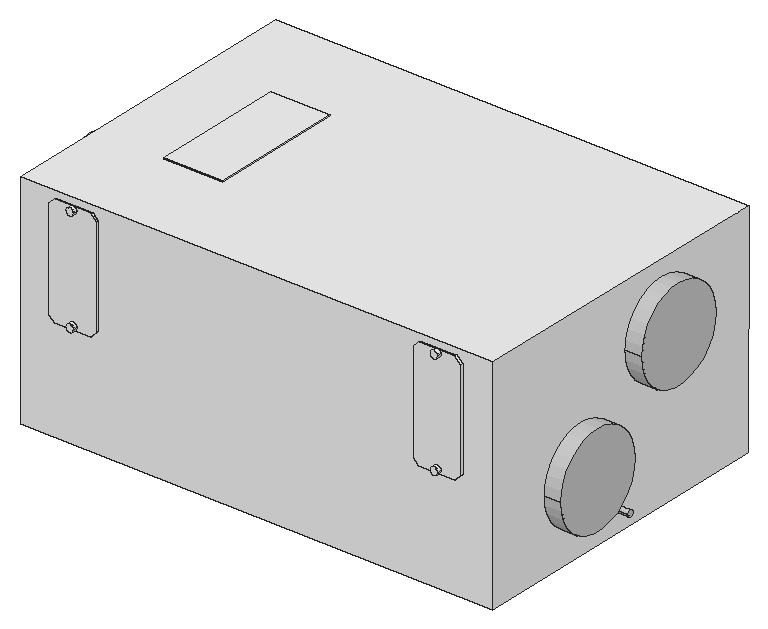
Revit family "BLAUBERG-KOMFORT_EC_LBE_700", category Mechanical Equipment, Revit 2019
Family settings
  Round Connector Dimension = Use Diameter
  Classification = None
  Part Type = Normal
  OmniClass Number = 23.75.35.14
  OmniClass Title = Air Handling Units
  Work Plane-Based = No
  Always vertical = Yes
  Cut with Voids When Loaded = No
  Shared = No
  Room Calculation Point = No
Parameters (values of type "KOMFORT EC LBE 700 S21")
  dLFeets = 48 mm
  dBFeets = 58 mm
  Weight = 108.40 kg
  Top Maintenance Zone Height = 900 mm
  Standard Service Side [instance] = yes
  Service Side 2 [instance] = Standard Service Side  # yes
  Service Side 1 [instance] = not(Standard Service Side)  # no
  Leveling Feets [instance] = yes
  HDrainCon = 52 mm
  DrainPipe = yes
  Drain Connection Diameter = 16 mm
  Ddrain = 14.752 mm
  CoverW = 128 mm
  CoverH1 = 168 mm
  CoverH = 301 mm
  Maximum Unit Current With Electric Heater = 18 A
  Maintenance Zone Side 2 [instance] = if(Maintenance Zone, (if(not(Standard Service Side), 1 = 1, 1 = 0)), 1 = 0)  # no
  Maintenance Zone Side 1 [instance] = if(Maintenance Zone, (if(Standard Service Side, 1 = 1, 1 = 0)), 1 = 0)  # no
  Plastic Material = Polypropylene Black
  Maximum Unit Power Without Electric Heater = 336 W
  Maximum Unit Current Without Electric Heater = 2.4 A
  Leveling Feets Height Calc [instance] = if(Leveling Feets Height < 23 mm, 23 mm, Leveling Feets Height)  # 23 mm
  Leveling Feets Height [instance] = 23 mm
  CoverL2 = 147 mm
  CoverL1 = 147 mm
  Heater power = 3600 W
  Heat Exchanger Material = "polystyrene"
  HDuctCon = 48 mm  # constant formula
  H2 = 201 mm
  H1 = 166 mm
  H = 601 mm
  ElConB = 433 mm
  ElConA = 268 mm
  ElBoxB = 364 mm
  ElBoxA = 159 mm
  BDrainCon = 433 mm
  B2 = 296 mm
  Air Flow Factor [instance] = 1  # constant formula
  B1 = 296 mm
  L = 1282 mm
  Voltage = 230 V
  URL = "https://blaubergventilatoren.de/en/product/komfort-ec-lbe700-s21"
  Type Comments = "Air Handling Unit KOMFORT EC LBE 700 S21"
  Transported Air Temperature (°C) = "-25…+40"
  Supply Air Filter = "G4+F7"
  Sound Pressure Level at 3 m (dBA) = 31
  SEC Class = "A+"
  RPM (min-1) = 3200
  Power Factor = 1
  Power = Maximum Unit Power Without Electric Heater + Heater power  # 3936 W
  Number of Poles = 1
  Model = "KOMFORT EC LBE 700 S21"
  Maximum Air Flow = 830 m³/h
  Manufacturer = "Blauberg"
  Maintenance Zone Material = Maintenance Zone
  Front Maintenance Zone Height = 900 mm
  Maintenance Zone [instance] = no
  Load Classification = HVAC
  B = 866 mm
  Heat recovery efficiency (%) = "80..98"
  Heat Exchanger Type = "counter-flow"
  Metal Material = Metal Zinc
  Family Version = "1.0"  # constant formula
  Extract Air Filter = "G4"
  Duct Connection Diameter = 250 mm
  Description = "Air Handling Unit"
  D = Duct Connection Diameter  # 250 mm
  Current = Maximum Unit Current With Electric Heater  # 18 A
  Copyright = "©Blauberg"
  Casing Material = Painted Steel White
  Apparent Power [instance] = Power / Power Factor  # 3936 VA
  Air Flow Supply [instance] = 0 m³/h
  Air Flow Exhaust [instance] = 0 m³/h
Types (2, lengths in mm): name | DrainPipe | Drain Connection Diameter | Heat Exchanger Material | URL | Type Comments | SEC Class | Model | Heat recovery efficiency (%)
  KOMFORT EC LBE 700 S21 | yes | 16 | "polystyrene" | "https://blaubergventilatoren.de/en/product/komfort-ec-lbe700-s21" | "Air Handling Unit KOMFORT EC LBE 700 S21" | "A+" | "KOMFORT EC LBE 700 S21" | "80..98"
  KOMFORT EC LBE 700-E S21 | no | 0 | "enthalpy" | "https://blaubergventilatoren.de/en/product/komfort-ec-lbe700-e-s21" | "Air Handling Unit KOMFORT EC LBE 700-E S21" | "A" | "KOMFORT EC LBE 700-E S21" | "74..89"
Reference planes
  plane 1 "Center (Front/Back)": y = 0
  plane 2: z = 0
  plane 3 "Center (Left/Right)": x = 0
  plane 4 "Right": x = 641
  plane 5 "Front": y = -433
  plane 6 "Left": x = -641
  plane 7 "Top": z = 624
  plane 8 "Back": y = 433
  plane 9 "DuctConB1": y = 137
  plane 10 "DuctConB2": y = -137
  plane 11: z = 626
  plane 12 "Bottom": z = 23
  plane 13 "FeetsL1": x = -593
  plane 14 "FeetsL2": x = 593
  plane 15 "FeetsB1": y = 375
  plane 16 "FeetsB2": y = -375
  plane 17 "ElConA": x = -373
  plane 18: x = -452.5
  plane 19: x = -293.5
  plane 20: y = 182
  plane 21: y = -182
  plane 22 "ElConB": y = 0
  plane 23 "DrainConH": z = 75
  plane 24 "CoverH": z = 456
  plane 25 "CoverL1": x = -494
  plane 26 "CoverL2": x = 494
  plane 27 "DrainConB": y = 0
  plane 28 "DuctConH1": z = 458
  plane 29 "DuctConH2": z = 224
  plane 30: x = -689
  plane 31: x = 689
Forms (mm)
  Extrusion 1, solid, material "Painted Steel White" <- "Casing Material", detail levels medium+fine
    sketch origin (0, 377, 23) x (-1, 0, 0) y (0, -1, 0)
      loop
        line (641, -56) -> (641, 810) -> (-641, 810) -> (-641, -56) -> (641, -56)
    from 0 to 601
  Extrusion 2, solid, material "Painted Steel White" <- "Casing Material", detail levels medium+fine
    sketch origin (0, 0, 624) x (-1, 0, 0) y (0, -1, 0)
      loop
        line (452.5, -182) -> (452.5, 182) -> (293.5, 182) -> (293.5, -182) -> (452.5, -182)
    from 0 to 2
  Extrusion 3, solid, material "Metal Zinc" <- "Metal Material", detail levels medium+fine
    sketch origin (-641, 0, 0) x (0, 1, 0) y (0, 0, 1)
      loop
        circle (-137, 458) r 125
      loop
        circle (137, 224) r 125
    from 0 to -48
  Extrusion 4, solid, material "Metal Zinc" <- "Metal Material", detail levels medium+fine
    sketch origin (641, 0, 0) x (0, 1, 0) y (0, 0, 1)
      loop
        circle (137, 458) r 125
      loop
        circle (-137, 224) r 125
    from 0 to 48
  Extrusion 5, solid, material "Metal Zinc" <- "Metal Material", visible <- "DrainPipe", detail levels medium+fine
    sketch origin (641, 0, 0) x (0, 1, 0) y (0, 0, 1)
      loop
        circle (0, 75) r 7.376
    from 0 to 26.5
Lines and regions (mm)
  model lines, detail levels coarse
    curve 1: line (-641, -433, 624) -> (-641, 433, 624)
    curve 2: line (641, -433, 624) -> (-641, -433, 624)
    curve 3: line (641, 433, 624) -> (641, -433, 624)
    curve 4: line (-641, -433, 23) -> (-641, 433, 23)
    curve 5: line (641, -433, 23) -> (-641, -433, 23)
    curve 6: line (641, 433, 23) -> (641, -433, 23)
    curve 7: line (-641, -433, 624) -> (641, -433, 624)
    curve 8: line (-641, -433, 23) -> (-641, -433, 624)
    curve 9: line (641, -433, 23) -> (-641, -433, 23)
    curve 10: line (641, -433, 624) -> (641, -433, 23)
    curve 11: line (-641, -433, 624) -> (-641, -433, 23)
    curve 12: line (641, -433, 624) -> (641, -433, 23)
    curve 13: line (-641, 433, 23) -> (641, 433, 23)
    curve 14: line (-641, 433, 624) -> (641, 433, 624)
    curve 15: line (-641, 433, 624) -> (-641, 433, 23)
    curve 16: line (641, 433, 624) -> (641, 433, 23)
    curve 17: line (-689, -137, 458) -> (-641, -137, 458)
    curve 18: line (-689, 137, 224) -> (-641, 137, 224)
    curve 19: line (641, -137, 224) -> (689, -137, 224)
    curve 20: line (641, 137, 458) -> (689, 137, 458)
Dimensions and locks
  "B": plane 8 "Back" to plane 5 "Front"
  equal spacing: plane 6 "Left", plane 3 "Center (Left/Right)", plane 4 "Right"
  "L": plane 6 "Left" to plane 4 "Right"
  "dBFeets": plane 8 "Back" to plane 15 "FeetsB1"
  "dBFeets": plane 16 "FeetsB2" to plane 5 "Front"
  "dLFeets": plane 6 "Left" to plane 13 "FeetsL1"
  "dLFeets": plane 14 "FeetsL2" to plane 4 "Right"
  "Leveling Feets Height Calc": plane 12 "Bottom" to level
  "H": plane 7 "Top" to plane 12 "Bottom"
  "ElConA": plane 6 "Left" to plane 17 "ElConA"
  "B2": plane 10 "DuctConB2" to plane 5 "Front"
  "B1": plane 8 "Back" to plane 9 "DuctConB1"
  equal spacing: plane 18, plane 17 "ElConA", plane 19
  "ElBoxA": plane 18 to plane 19
  "ElConB": plane 8 "Back" to plane 22 "ElConB"
  equal spacing: plane 20, plane 22 "ElConB", plane 21
  "ElBoxB": plane 20 to plane 21
  locked: plane 11 to plane 7 "Top" at 2
  equal spacing: plane 8 "Back", plane 1 "Center (Front/Back)", plane 5 "Front"
  "CoverH1": plane 7 "Top" to plane 24 "CoverH"
  "CoverL1": plane 6 "Left" to plane 25 "CoverL1"
  "CoverL2": plane 26 "CoverL2" to plane 4 "Right"
  "HDrainCon": plane 23 "DrainConH" to plane 12 "Bottom"
  "BDrainCon": plane 8 "Back" to plane 27 "DrainConB"
  "H1": plane 7 "Top" to plane 28 "DuctConH1"
  "H2": plane 29 "DuctConH2" to plane 12 "Bottom"
  "HDuctCon": plane 30 to plane 6 "Left"
  "HDuctCon": plane 4 "Right" to plane 31
  "D": diameter of Extrusion 3 sketch curve  (x2)
  "D": diameter of Extrusion 4 sketch curve  (x2)
  "Ddrain": diameter of Extrusion 5 sketch curve
  aligned and locked: level to plane 2
  aligned and locked: plane 13 "FeetsL1" to nested 1
  aligned and locked: nested 1 to plane 15 "FeetsB1"
  aligned and locked: plane 14 "FeetsL2" to nested 2
  aligned and locked: nested 2 to plane 15 "FeetsB1"
  aligned and locked: nested 3 to plane 16 "FeetsB2"
  aligned and locked: plane 14 "FeetsL2" to nested 3
  aligned and locked: plane 13 "FeetsL1" to nested 4
  aligned and locked: nested 4 to plane 16 "FeetsB2"
  aligned and locked: Extrusion 1 sketch curve to plane 8 "Back"
  aligned and locked: plane 6 "Left" to Extrusion 1 sketch curve
  aligned and locked: plane 5 "Front" to Extrusion 1 sketch curve
  aligned and locked: Extrusion 1 sketch curve to plane 4 "Right"
  aligned and locked: plane 7 "Top" to Extrusion 1
  aligned and locked: plane 3 "Center (Left/Right)" to nested 5
  aligned and locked: nested 5 to plane 7 "Top"
  aligned and locked: curve 2 to Extrusion 1
  aligned and locked: curve 4 to curve 1
  aligned and locked: curve 5 to curve 2
  aligned and locked: curve 6 to nested 5
  aligned and locked: curve 8 to Extrusion 1
  aligned and locked: curve 10 to Extrusion 1
  aligned and locked: curve 11 to plane 5 "Front"
  aligned and locked: curve 12 to plane 5 "Front"
  aligned and locked: plane 8 "Back" to curve 3
  aligned and locked: plane 8 "Back" to curve 6
  aligned and locked: plane 6 "Left" to curve 13
  aligned and locked: curve 13 to plane 8 "Back"
  aligned and locked: plane 4 "Right" to curve 14
  aligned and locked: plane 6 "Left" to curve 14
  aligned and locked: curve 14 to plane 8 "Back"
  aligned and locked: Extrusion 2 sketch curve to plane 20
  aligned and locked: Extrusion 2 sketch curve to plane 18
  aligned and locked: plane 21 to Extrusion 2 sketch curve
  aligned and locked: Extrusion 2 sketch curve to plane 19
  aligned and locked: plane 11 to Extrusion 2
  aligned and locked: plane 3 "Center (Left/Right)" to nested 6
  aligned and locked: nested 6 to plane 7 "Top"
  aligned and locked: plane 7 "Top" to curve 15
  aligned and locked: plane 12 "Bottom" to curve 15
  aligned and locked: plane 7 "Top" to curve 16
  aligned and locked: plane 12 "Bottom" to curve 16
  aligned and locked: plane 8 "Back" to curve 15
  aligned and locked: plane 8 "Back" to curve 16
  aligned and locked: Extrusion 3 to plane 30
  aligned and locked: plane 31 to Extrusion 4
  aligned and locked: plane 1 "Center (Front/Back)" to nested 7
  aligned and locked: plane 3 "Center (Left/Right)" to nested 7
  aligned and locked: plane 25 "CoverL1" to nested 8
  aligned and locked: plane 24 "CoverH" to nested 8
  aligned and locked: plane 26 "CoverL2" to nested 9
  aligned and locked: plane 24 "CoverH" to nested 9
  aligned and locked: nested 10 to plane 24 "CoverH"
  aligned and locked: nested 11 to plane 24 "CoverH"
  aligned and locked: nested 10 to plane 26 "CoverL2"
  aligned and locked: nested 11 to plane 25 "CoverL1"
  aligned and locked: plane 9 "DuctConB1" to Extrusion 4 sketch curve
  aligned and locked: plane 28 "DuctConH1" to Extrusion 4 sketch curve
  aligned and locked: plane 10 "DuctConB2" to Extrusion 4 sketch curve
  aligned and locked: plane 29 "DuctConH2" to Extrusion 4 sketch curve
  aligned and locked: plane 6 "Left" to curve 17
  aligned and locked: plane 30 to curve 17
  aligned and locked: plane 31 to curve 19
  aligned and locked: plane 4 "Right" to curve 19
  aligned and locked: plane 30 to curve 18
  aligned and locked: plane 6 "Left" to curve 18
  aligned and locked: curve 17 to plane 10 "DuctConB2"
  aligned and locked: curve 18 to plane 9 "DuctConB1"
  aligned and locked: plane 4 "Right" to curve 20
  aligned and locked: plane 31 to curve 20
  aligned and locked: curve 19 to plane 10 "DuctConB2"
  aligned and locked: curve 20 to plane 9 "DuctConB1"
Automatic sketch dimensions
  curve 9 to plane 12 "Bottom" = 0 mm
  curve 8 to plane 7 "Top" = 0 mm
  curve 11 to plane 12 "Bottom" = 0 mm
  curve 11 to plane 7 "Top" = 0 mm
  curve 12 to plane 12 "Bottom" = 0 mm
  curve 12 to plane 7 "Top" = 0 mm
  Extrusion 3 sketch curve to plane 10 "DuctConB2" = 0 mm
  Extrusion 3 sketch curve to plane 9 "DuctConB1" = 0 mm
  Extrusion 3 sketch curve to plane 29 "DuctConH2" = 0 mm
  Extrusion 3 sketch curve to plane 28 "DuctConH1" = 0 mm
  Extrusion 5 sketch curve to plane 22 "ElConB" = 0 mm
  Extrusion 5 sketch curve to plane 23 "DrainConH" = 0 mm
Nested families
  nested 1: "LevellingFeet" at (-593, 375, 0), visible <- "Leveling Feets", type "LevellingFeet", detail levels medium+fine
  nested 2: "LevellingFeet" at (593, 375, 0), visible <- "Leveling Feets", type "LevellingFeet", detail levels medium+fine
  nested 3: "LevellingFeet" at (593, -375, 0), visible <- "Leveling Feets", type "LevellingFeet", detail levels medium+fine
  nested 4: "LevellingFeet" at (-593, -375, 0), visible <- "Leveling Feets", type "LevellingFeet", detail levels medium+fine
  nested 5: "MaintenanceZone_Rect" at (0, -433, 323.5) x (1, 0, 0) z (0, 1, 0), visible <- "Maintenance Zone Side 1", type "Front", detail levels medium+fine
    with Maintenance Zone Width 601 mm, Maintenance Zone Length 1282 mm, Maintenance Zone Height 900 mm
  nested 6: "MaintenanceZone_Rect" at (0, 433, 323.5) x (1, 0, 0) z (0, -1, 0), visible <- "Maintenance Zone Side 2", type "Front", detail levels medium+fine
    with Maintenance Zone Width 601 mm, Maintenance Zone Length 1282 mm, Maintenance Zone Height 900 mm
  nested 7: "MaintenanceZone_Rect" at (0, 0, 624) x (1, 0, 0) z (0, 0, -1), visible <- "Maintenance Zone", type "Top", detail levels medium+fine
    with Maintenance Zone Width 866 mm, Maintenance Zone Length 1282 mm, Maintenance Zone Height 900 mm
  nested 8: "FilterCover" at (-494, -433, 456) x (1, 0, 0) z (0, -1, 0), visible <- "Service Side 2", type "FilterCover", detail levels medium+fine
    with Width 128 mm, Lenght 301 mm
  nested 9: "FilterCover" at (494, -433, 456) x (1, 0, 0) z (0, -1, 0), visible <- "Service Side 2", type "FilterCover", detail levels medium+fine
    with Width 128 mm, Lenght 301 mm
  nested 10: "FilterCover" at (494, 433, 456) x (-1, 0, 0) z (0, 1, 0), visible <- "Service Side 1", type "FilterCover", detail levels medium+fine
    with Width 128 mm, Lenght 301 mm
  nested 11: "FilterCover" at (-494, 433, 456) x (-1, 0, 0) z (0, 1, 0), visible <- "Service Side 1", type "FilterCover", detail levels medium+fine
    with Width 128 mm, Lenght 301 mm
Connectors
  electrical at (-373, 0, 626), driven by "Number of Poles", driven by "Load Classification", driven by "Voltage", driven by "Apparent Power", driven by "Power Factor"
    settings: on Extrusion 2, index 6, voltage 230 V, apparent load 3936 VA, apparent load phase1 0 VA, apparent load phase2 0 VA, apparent load phase3 0 VA, power factor 1, load classification "HVAC", number of poles 1, system type 30, power factor state 1, is connector primary yes, connector utility no, sub classification motor no, connector description ""
  hvac at (-689, -137, 458), driven by "Duct Connection Diameter", driven by "Air Flow Exhaust"
    settings: on Extrusion 3, index 7, duct flow 0 m³/h, flow factor 0, pres drop 0.0 Pa, loss coef 0, conn angle 0.00°, conn width 304.8 mm, conn height 304.8 mm, conn diameter 250 mm, duct sys type 3, conn prof type 0, flow config 0, flow direction 1, loss method 0, conn ref index -1, conn util no, is conn primary yes, conn desc "Extract Air"
  hvac at (-689, 137, 224), driven by "Duct Connection Diameter", driven by "Air Flow Supply"
    settings: on Extrusion 3, index 8, duct flow 0 m³/h, flow factor 0, pres drop 0.0 Pa, loss coef 0, conn angle 0.00°, conn width 304.8 mm, conn height 304.8 mm, conn diameter 250 mm, duct sys type 1, conn prof type 0, flow config 0, flow direction 2, loss method 0, conn ref index -1, conn util no, is conn primary no, conn desc "Supply Air"
  hvac at (689, 137, 458), driven by "Duct Connection Diameter", driven by "Air Flow Supply"
    settings: on Extrusion 4, index 9, duct flow 0 m³/h, flow factor 0, pres drop 0.0 Pa, loss coef 0, conn angle 0.00°, conn width 304.8 mm, conn height 304.8 mm, conn diameter 250 mm, duct sys type 1, conn prof type 0, flow config 1, flow direction 1, loss method 0, conn ref index -1, conn util no, is conn primary no, conn desc "Inake Air"
  hvac at (689, -137, 224), driven by "Duct Connection Diameter", driven by "Air Flow Exhaust"
    settings: on Extrusion 4, index 10, duct flow 0 m³/h, flow factor 0, pres drop 0.0 Pa, loss coef 0, conn angle 0.00°, conn width 304.8 mm, conn height 304.8 mm, conn diameter 250 mm, duct sys type 3, conn prof type 0, flow config 1, flow direction 2, loss method 0, conn ref index -1, conn util no, is conn primary no, conn desc "Exhaust Air"
Definition of nested family "LevellingFeet"
  Parameters (values of type "LevellingFeet")
    r2 = d2 / 2  # 9 mm
    r1 = d1 / 2  # 12 mm
    h2 = 15 mm
    h1 = 6 mm
    d3 = 8 mm
    d2 = 18 mm
    d1 = 24 mm
    R = D / 2  # 20.5 mm
    Material = none
    H = 23 mm
    Default Elevation = 1219.2 mm
    D = 41 mm
  Reference planes
    plane 1 "Center (Front/Back)": y = 0
    plane 2: z = 0
    plane 3 "Center (Left/Right)": x = 0
    plane 4: z = 6
    plane 5: x = -9
    plane 6: x = -20.5
    plane 7: x = -12
    plane 8: z = 21
    plane 9: z = 23
  Forms (mm)
    Revolve 1, solid, material <- "Material"
      sketch origin (0, 0, 0) x (1, 0, 0) y (0, 0, 1)
        loop
          line (0, 21) -> (-9, 21) -> (-11.354, 9.228)
          arc (-11.354, 9.228) -> (-12.746, 6.91) -> (-15.292, 6) r 4.016
          line (-15.292, 6) -> (-18.541, 6)
          arc (-18.541, 6) -> (-19.926, 5.426) -> (-20.5, 4.041) r 1.959
          line (-20.5, 4.041) -> (-20.5, 0) -> (0, 0) -> (0, 21)
        axis (0, 21) -> (0, 0)
      angle from 0 to 360
    Extrusion 2, solid, material <- "Material"
      sketch origin (0, 0, 0) x (1, 0, 0) y (0, 1, 0)
        loop
          circle (0, 0) r 4
      from 23 to 6
  Cuts and joins
    joined: Revolve 1, Extrusion 2
  Dimensions and locks
    "r2": plane 3 "Center (Left/Right)" to plane 5
    "R": plane 3 "Center (Left/Right)" to plane 6
    "r1": plane 3 "Center (Left/Right)" to plane 7
    "h2": plane 8 to plane 4
    "h1": plane 4 to level
    "H": plane 9 to level
    "d3": diameter of Extrusion 2 sketch curve
    aligned and locked: level to plane 2
    aligned and locked: Revolve 1 sketch curve to plane 3 "Center (Left/Right)"
    aligned and locked: plane 8 to Revolve 1 sketch curve
    aligned and locked: Extrusion 2 to plane 4
    aligned and locked: plane 9 to Extrusion 2
    aligned and locked: cut or joined group of Revolve 1, Extrusion 2 to level
  Automatic sketch dimensions
    Revolve 1 sketch curve to level = 0 mm
    Revolve 1 sketch curve to plane 6 = 0 mm
    Revolve 1 sketch curve to plane 4 = 0 mm
    Revolve 1 sketch curve to plane 5 = 0 mm
    Revolve 1 sketch curve to plane 3 "Center (Left/Right)" = 0 mm
    plane 6 to Revolve 1 sketch curve = 1.959 mm
    Revolve 1 sketch curve to plane 7 = 3.292 mm
    plane 7 to Revolve 1 sketch curve = 0.646 mm
    plane 4 to Revolve 1 sketch curve = 3.228 mm
    Revolve 1 sketch curve to level = 336.045 mm
    plane 9 to Revolve 1 sketch curve = 2172.315 mm
    plane 1 "Center (Front/Back)" to Extrusion 2 sketch curve = 0 mm
    Extrusion 2 sketch curve to plane 3 "Center (Left/Right)" = 0 mm
Definition of nested family "MaintenanceZone_Rect"
  Parameters (values of type "MaintenanceZone_Rect")
    Maintenance Zone Width = 500 mm
    Material = none
    Maintenance Zone Length = 1000 mm
    Maintenance Zone Height = 300 mm
    Family Version = ""
    Default Elevation = 1219.2 mm
    Copyright = ""
  Reference planes
    plane 1 "Center (Front/Back)": y = 0
    plane 2: z = 0
    plane 3 "Center (Left/Right)": x = 0
    plane 4: x = -500
    plane 5: x = 500
    plane 6: y = 250
    plane 7: y = -250
    plane 8: z = -300
  Forms (mm)
    Extrusion 1, solid, material <- "Material", detail levels medium+fine
      sketch origin (0, 0, 0) x (1, 0, 0) y (0, 1, 0)
        loop
          line (-500, 250) -> (-500, -250) -> (500, -250) -> (500, 250) -> (-500, 250)
      from 0 to -300
  Lines and regions (mm)
    symbolic lines, detail levels medium+fine
      curve 1: line (-500, 0, 0) -> (500, 0, 0)
      curve 2: line (-500, 0, -300) -> (-500, 0, 0)
      curve 3: line (500, 0, -300) -> (-500, 0, -300)
      curve 4: line (500, 0, 0) -> (500, 0, -300)
      curve 5: line (0, 250, 0) -> (0, -250, 0)
      curve 6: line (0, 250, -300) -> (0, 250, 0)
      curve 7: line (0, -250, -300) -> (0, 250, -300)
      curve 8: line (0, -250, 0) -> (0, -250, -300)
      curve 9: line (-500, 250, 0) -> (500, 250, 0)
      curve 10: line (-500, -250, 0) -> (-500, 250, 0)
      curve 11: line (500, -250, 0) -> (-500, -250, 0)
      curve 12: line (500, 250, 0) -> (500, -250, 0)
  Dimensions and locks
    equal spacing: plane 6, plane 1 "Center (Front/Back)", plane 7
    equal spacing: plane 4, plane 3 "Center (Left/Right)", plane 5
    "Maintenance Zone Width": plane 6 to plane 7
    "Maintenance Zone Length": plane 4 to plane 5
    "Maintenance Zone Height": plane 2 to plane 8
    aligned and locked: level to plane 2
    aligned and locked: Extrusion 1 sketch curve to plane 6
    aligned and locked: plane 4 to Extrusion 1 sketch curve
    aligned and locked: plane 7 to Extrusion 1 sketch curve
    aligned and locked: Extrusion 1 sketch curve to plane 5
    aligned and locked: Extrusion 1 to plane 8
    aligned and locked: curve 1 to Extrusion 1
    aligned and locked: curve 2 to Extrusion 1
    aligned and locked: curve 3 to Extrusion 1
    aligned and locked: curve 4 to Extrusion 1
    aligned and locked: curve 5 to Extrusion 1
    aligned and locked: curve 6 to Extrusion 1
    aligned and locked: curve 7 to Extrusion 1
    aligned and locked: curve 8 to Extrusion 1
    aligned and locked: curve 9 to Extrusion 1
    aligned and locked: curve 10 to Extrusion 1
    aligned and locked: curve 11 to Extrusion 1
    aligned and locked: curve 12 to Extrusion 1
Definition of nested family "FilterCover"
  Parameters (values of type "FilterCover")
    W1 = 14.8 mm
    Width = 65 mm
    Material = none
    Lenght = 242 mm
    L2 = 9 mm
    H1 = 10 mm
    Height = 5.5 mm
    Default Elevation = 1219.2 mm
    AngleCalc = 90.00° + Angle  # 90.00°
    Angle = 0.00°
  Reference planes
    plane 1 "Center (Front/Back)": y = 0
    plane 2: z = 0
    plane 3 "Center (Left/Right)": x = 0
    plane 4: x = -32.5
    plane 5: x = 32.5
    plane 6: y = -121
    plane 7: y = 121
    plane 8: x = -17.7
    plane 9: x = 17.7
    plane 10: y = 106.2
    plane 11: y = -106.2
    plane 12: y = 112
    plane 13: y = -112
    plane 14: z = 5.5
    plane 15: z = 15.5
  Forms (mm)
    Extrusion 1, solid, material <- "Material"
      sketch origin (0, 0, 0) x (1, 0, 0) y (0, 1, 0)
        loop
          line (-17.7, 121) -> (-32.5, 106.2) -> (-32.5, -106.2) -> (-17.7, -121) -> (17.7, -121) -> (32.5, -106.2) -> (32.5, 106.2) -> (17.7, 121) -> (-17.7, 121)
      from 0 to 5.5
    Extrusion 2, solid, material <- "Material"
      sketch origin (0, 0, 0) x (1, 0, 0) y (0, 1, 0)
        loop
          circle (0, 112) r 10
        loop
          circle (0, -112) r 10
      from 5.5 to 15.5
  Dimensions and locks
    equal spacing: plane 4, plane 3 "Center (Left/Right)", plane 5
    "Width": plane 4 to plane 5
    equal spacing: plane 6, plane 1 "Center (Front/Back)", plane 7
    "Lenght": plane 6 to plane 7
    "W1": plane 10 to plane 7
    "W1": plane 9 to plane 5
    "W1": plane 4 to plane 8
    "W1": plane 11 to plane 6
    "Height": plane 14 to level
    "H1": plane 15 to plane 14
    "L2": plane 12 to plane 7
    "L2": plane 6 to plane 13
    diameter of Extrusion 2 sketch curve = 20 mm  (x2)
    aligned and locked: level to plane 2
    aligned and locked: plane 14 to Extrusion 1
    aligned and locked: plane 15 to Extrusion 2
    aligned and locked: Extrusion 2 to plane 14
  Automatic sketch dimensions
    Extrusion 1 sketch curve to plane 4 = 0 mm
    plane 7 to Extrusion 1 sketch curve = 0 mm
    Extrusion 1 sketch curve to plane 8 = 0 mm  (x2)
    plane 6 to Extrusion 1 sketch curve = 0 mm
    Extrusion 1 sketch curve to plane 9 = 0 mm  (x2)
    Extrusion 1 sketch curve to plane 5 = 0 mm
    Extrusion 1 sketch curve to plane 11 = 0 mm  (x2)
    Extrusion 1 sketch curve to plane 10 = 0 mm  (x2)
    Extrusion 2 sketch curve to plane 3 "Center (Left/Right)" = 0 mm  (x2)
    Extrusion 2 sketch curve to plane 13 = 0 mm
    Extrusion 2 sketch curve to plane 12 = 0 mm
